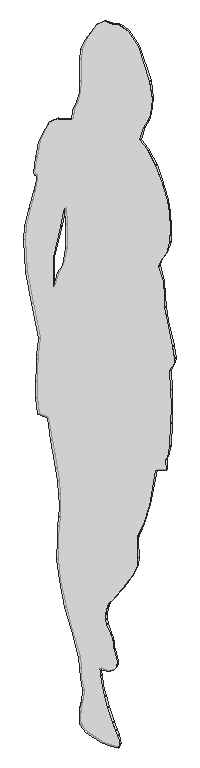
Revit family "Flat Lady 10", category Entourage, Revit 2015
Parameters (values of type "Flat Lady 10")
  Flat Material [instance] = none
  Height = 0 mm
Reference planes
  plane 1 "Center (Front/Back)": y = 0
  plane 2: z = 0
  plane 3 "Center (Left/Right)": x = 0
Forms (mm)
  Extrusion 1, solid, material <- "Flat Material"
    sketch origin (0, 0, 0) x (1, 0, 0) y (0, 0, 1)
      loop
        line (97.093, 207.293) -> (94.673, 215.895) -> (94.134, 224.228) -> (91.445, 232.562) -> (89.025, 237.803) -> (86.61, 243.044) -> (77.734, 260.518) -> (75.314, 270.731) -> (75.045, 281.214) -> (80.244, 300.498) -> (83.629, 309.14) -> (89.474, 316.515) -> (119.027, 356.541) -> (144.893, 396.567) -> (154.743, 418.118) -> (155.978, 438.439) -> (154.743, 477.847) -> (157.208, 488.316) -> (162.137, 498.168) -> (170.757, 520.337) -> (186.155, 568.982) -> (202.608, 653.882) -> (228.821, 661.969) -> (228.269, 686.936) -> (231.097, 692.606) -> (237.481, 719.55) -> (240.381, 774.376) -> (241.755, 812.418) -> (240.381, 850.001) -> (237.167, 892.622) -> (248.74, 912.322) -> (250.594, 924.344) -> (245.04, 950.236) -> (231.169, 1002.945) -> (224.7, 1031.605) -> (223.77, 1059.346) -> (221.001, 1089.865) -> (210.465, 1120.387) -> (213.903, 1133.647) -> (221.269, 1145.436) -> (228.632, 1157.216) -> (237.472, 1184.716) -> (238.949, 1217.125) -> (236.004, 1251.017) -> (231.577, 1278.515) -> (220.906, 1303.046) -> (218.338, 1311.766) -> (202.936, 1346.676) -> (180.346, 1375.426) -> (162.209, 1390.976) -> (171.879, 1423.867) -> (182.514, 1440.306) -> (188.323, 1457.716) -> (193.157, 1493.506) -> (186.388, 1533.165) -> (157.374, 1601.836) -> (132.221, 1626.986) -> (115.777, 1633.755) -> (107.067, 1634.726) -> (96.163, 1631.217) -> (72.428, 1630.085) -> (50.96, 1615.397) -> (21.583, 1566.796) -> (12.532, 1543.067) -> (9.143, 1520.466) -> (9.143, 1469.607) -> (8.017, 1445.876) -> (1.228, 1422.137) -> (-8.935, 1399.537) -> (-11.198, 1376.936) -> (-48.091, 1364.947) -> (-66.178, 1352.566) -> (-78.551, 1333.537) -> (-94.725, 1298.327) -> (-102.344, 1257.407) -> (-108.997, 1222.186) -> (-104.243, 1216.477) -> (-101.19, 1216.696) -> (-101.334, 1206.286) -> (-103.646, 1197.957) -> (-106.874, 1180.386) -> (-119.821, 1134.156) -> (-130.456, 1091.616) -> (-132.943, 1059.996) -> (-128.328, 988.226) -> (-112.733, 922.249) -> (-95.009, 849.062) -> (-100.449, 808.035) -> (-99.175, 799.099) -> (-101.029, 784.066) -> (-101.814, 750.243) -> (-102.497, 710.471) -> (-96.602, 675.824) -> (-72.692, 675.141) -> (-64.216, 627.671) -> (-52.132, 569.56) -> (-46.551, 542.132) -> (-44.23, 513.31) -> (-42.834, 486.346) -> (-43.292, 460.776) -> (-46.484, 439.2) -> (-48.113, 413.043) -> (-48.935, 364.001) -> (-43.211, 316.594) -> (-28.5, 261.83) -> (-12.15, 214.423) -> (6.651, 158.841) -> (9.915, 135.954) -> (10.736, 112.252) -> (16.456, 87.729) -> (14.822, 64.843) -> (12.546, 58.163) -> (9.893, 47.894) -> (8.896, 38.453) -> (7.908, 29.011) -> (7.908, 18.08) -> (7.908, 13.773) -> (9.565, 9.135) -> (15.854, 1.517) -> (26.781, -5.109) -> (66.538, -14.385) -> (88.073, -15.047) -> (96.679, -14.053) -> (107.287, -10.74) -> (110.267, -2.458) -> (109.604, 7.479) -> (105.622, 17.416) -> (100.329, 27.024) -> (93.685, 42.679) -> (80.787, 73.069) -> (72.5, 94.269) -> (66.866, 114.808) -> (63.225, 137.995) -> (61.24, 147.934) -> (59.378, 152.468) -> (62.417, 151.919) -> (66.982, 151.112) -> (76.127, 151.65) -> (86.066, 156.22) -> (94.673, 162.133) -> (101.927, 171.273) -> (103.812, 175.843) -> (104.081, 181.487) -> (101.667, 193.316) -> (97.093, 207.293)
      loop
        line (-58.007, 992.547) -> (-57.527, 979.605) -> (-46.534, 1015.687) -> (-35.31, 1036.906) -> (-26.79, 1078.326) -> (-26.79, 1133.187) -> (-29.124, 1167.386) -> (-31.108, 1160.916) -> (-38.596, 1122.767) -> (-58.268, 1045.327) -> (-58.007, 992.547)
    from -2.5 to 2.5
Lines and regions (mm)
  model lines
    curve 1: line (-150, 0, 0) -> (150, 0, 0)
    curve 2: line (0, -150, 0) -> (0, 150, 0)
Dimensions and locks
  aligned and locked: level to plane 2
